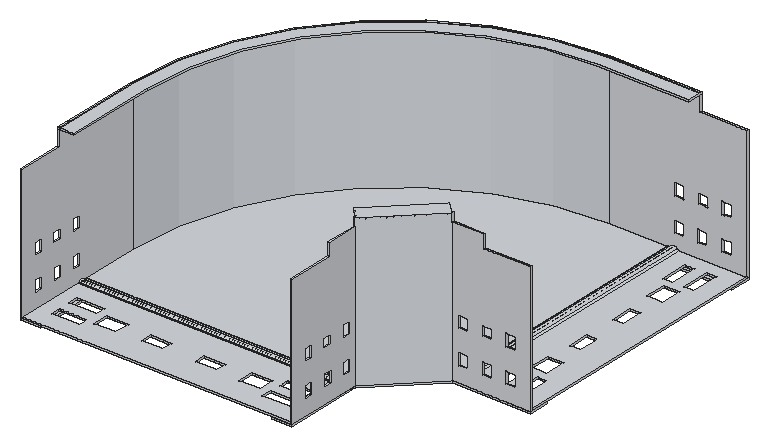
Revit family "Bogen  RBM 90 120 FS", category Generic Models, Revit 2017
Family settings
  Can host rebar = No
  Round Connector Dimension = Use Diameter
  Part Type = Normal
  Work Plane-Based = No
  Always vertical = Yes
  Cut with Voids When Loaded = No
  Shared = No
  Room Calculation Point = No
Parameters (values of type "RBM 90 120 FS")
  Width = 200 mm
  URL = "http://www.obo-bettermann.com"
  Material = none
  Manufacturer Art.No. = "6041842"
  Manufacturer = "OBO BETTERMANN"
  GTIN = "4012195880554"
  Cut's number = 2
  Article Type = "RBM 90 120 FS"
Reference planes
  plane 1 "Center (Front/Back)": y = 0
  plane 2: z = 0
  plane 3 "Center (Left/Right)": x = 0
  plane 4: x = 300.1
  plane 5: x = 245.6
  plane 6: x = 240.8
  plane 7: z = 3.3
  plane 8: y = 200
  plane 9: y = -100.1
  plane 10: y = -40.8
  plane 11: y = -45.6
  plane 12: z = 3.3
  plane 13: x = 200
  plane 14: y = 3
  plane 15: x = 197
  plane 16: y = -74.6
  plane 17: x = 100
  plane 18: x = 80
  plane 19: x = 120
  plane 20: y = -66.6
  plane 21: y = -82.6
  plane 22: x = 21.5
  plane 23: x = 46
  plane 24: through (300.1, -100.1, 1200) normal (-0.7071, -0.7071, 0)
  plane 25: z = 112
  plane 26: z = -1.25
  plane 27: z = 110.75
  plane 28: z = 109.365
  plane 29: z = 106
  plane 30: x = 265.1
  plane 31: z = 96.5
  plane 32: z = 106
  plane 33: y = -65.1
  plane 34: z = 96.5
  plane 35: z = 16.2
  plane 36: x = 285.1
  plane 37: z = 16.396
  plane 38: x = 267.611
  plane 39: z = 16.2
  plane 40: x = 249.642
  plane 41: z = 41.2
  plane 42: x = 249.642
  plane 43: z = 41.2
  plane 44: x = 285.1
  plane 45: z = 41.227
  plane 46: x = 267.611
  plane 47: z = 16.2
  plane 48: x = 267.583
  plane 49: z = 41.2
  plane 50: y = -85.1
  plane 51: z = 16.2
  plane 52: y = -49.642
  plane 53: z = 16.396
  plane 54: y = -67.611
  plane 55: z = 41.227
  plane 56: y = -67.611
  plane 57: z = 16.2
  plane 58: y = -67.044
  plane 59: z = 16.2
  plane 60: y = -85.078
  plane 61: z = 41.2
  plane 62: y = -49.642
  plane 63: y = -65.1
  plane 64: z = 99.25
  plane 65: x = 265.1
  plane 66: z = 99.25
Forms (mm)
  Extrusion 1, solid
    sketch origin (0, 0, 0) x (1, 0, 0) y (0, 0, 1)
      loop
        line (300.1, 0) -> (300.1, 1.3) -> (249.247, 1.3)
        arc (249.247, 1.3) -> (248.526, 1.485) -> (247.983, 1.993) r 1.5
        arc (247.983, 1.993) -> (245.655, 3.269) -> (243.327, 1.993) r 2.761
        arc (243.327, 1.993) -> (242.784, 1.485) -> (242.063, 1.3) r 1.5
        line (242.063, 1.3) -> (240.8, 1.3) -> (240.8, 0) -> (242.063, 0)
        arc (242.063, 0) -> (243.409, 0.345) -> (244.424, 1.294) r 2.8
        arc (244.424, 1.294) -> (245.655, 1.969) -> (246.886, 1.294) r 1.461
        arc (246.886, 1.294) -> (247.901, 0.345) -> (249.247, 0) r 2.8
        line (249.247, 0) -> (300.1, 0)
    from 0 to -200
  Extrusion 2, solid
    sketch origin (0, 0, 0) x (0, 1, 0) y (0, 0, 1)
      loop
        line (-100.1, 0) -> (-48.526, 0)
        arc (-48.526, 0) -> (-47.426, 0.225) -> (-46.503, 0.864) r 2.8
        arc (-46.503, 0.864) -> (-45.6, 1.25) -> (-44.697, 0.864) r 1.25
        arc (-44.697, 0.864) -> (-43.774, 0.225) -> (-42.674, 0) r 2.8
        line (-42.674, 0) -> (-40.8, 0) -> (-40.8, 1.3) -> (-42.674, 1.3)
        arc (-42.674, 1.3) -> (-43.263, 1.421) -> (-43.758, 1.763) r 1.5
        arc (-43.758, 1.763) -> (-45.6, 2.55) -> (-47.442, 1.763) r 2.55
        arc (-47.442, 1.763) -> (-47.937, 1.421) -> (-48.526, 1.3) r 1.5
        line (-48.526, 1.3) -> (-100.1, 1.3) -> (-100.1, 0)
    from 0 to 200
  Extrusion 3, solid
    sketch origin (0, 0, 0) x (1, 0, 0) y (0, 1, 0)
      loop
        line (240.8, 0) -> (240.8, 200) -> (197, 200)
        arc (197, 200) -> (57.7, 142.3) -> (0, 3) r 197
        line (0, 3) -> (0, -40.8) -> (200, -40.8) -> (240.8, 0)
    from 0 to 1.3
  Extrusion 4, void
    sketch origin (0, 0, 0) x (1, 0, 0) y (0, 1, 0)
      loop
        line (112, -70.6) -> (112, -78.6) -> (128, -78.6) -> (128, -70.6) -> (112, -70.6)
      loop
        line (11, -62.8) -> (11, -70.4) -> (32, -70.4) -> (32, -62.8) -> (11, -62.8)
      loop
        line (38, -68.6) -> (38, -80.6) -> (54, -80.6) -> (54, -68.6) -> (38, -68.6)
      loop
        line (11, -86.4) -> (32, -86.4) -> (32, -78.8) -> (11, -78.8) -> (11, -86.4)
      loop
        line (88, -70.6) -> (72, -70.6) -> (72, -78.6) -> (88, -78.6) -> (88, -70.6)
      loop
        line (189, -86.4) -> (189, -78.8) -> (168, -78.8) -> (168, -86.4) -> (189, -86.4)
      loop
        line (189, -62.8) -> (168, -62.8) -> (168, -70.4) -> (189, -70.4) -> (189, -62.8)
      loop
        line (162, -68.6) -> (146, -68.6) -> (146, -80.6) -> (162, -80.6) -> (162, -68.6)
    from 0 to 2.72
  Extrusion 5, void
    sketch origin (0, 0, 0) x (1, 0, 0) y (0, 1, 0)
      loop
        line (262.8, 189) -> (262.8, 168) -> (270.4, 168) -> (270.4, 189) -> (262.8, 189)
      loop
        line (278.8, 189) -> (278.8, 168) -> (286.4, 168) -> (286.4, 189) -> (278.8, 189)
      loop
        line (268.6, 162) -> (268.6, 146) -> (280.6, 146) -> (280.6, 162) -> (268.6, 162)
      loop
        line (270.6, 128) -> (270.6, 112) -> (278.6, 112) -> (278.6, 128) -> (270.6, 128)
      loop
        line (270.6, 88) -> (270.6, 72) -> (278.6, 72) -> (278.6, 88) -> (270.6, 88)
      loop
        line (268.6, 54) -> (268.6, 38) -> (280.6, 38) -> (280.6, 54) -> (268.6, 54)
      loop
        line (262.8, 32) -> (262.8, 11) -> (270.4, 11) -> (270.4, 32) -> (262.8, 32)
      loop
        line (278.8, 32) -> (278.8, 11) -> (286.4, 11) -> (286.4, 32) -> (278.8, 32)
    from 0 to 1.3
  Extrusion 6, solid
    sketch origin (0, 0, 0) x (1, 0, 0) y (0, 1, 0)
      loop
        line (300.1, 200) -> (300.1, 201.3) -> (197, 201.3)
        arc (197, 201.3) -> (56.781, 143.219) -> (-1.3, 3) r 198.3
        line (-1.3, 3) -> (-1.3, -100.1) -> (0, -100.1) -> (0, 3)
        arc (0, 3) -> (57.7, 142.3) -> (197, 200) r 197
        line (197, 200) -> (300.1, 200)
    from 0 to 112
  Extrusion 7, solid
    sketch origin (0, 0, 0) x (1, 0, 0) y (0, 1, 0)
      loop
        line (240.8, 0) -> (200, -40.8) -> (200, -100.1) -> (201.3, -100.1) -> (201.3, -41.338) -> (241.338, -1.3) -> (300.1, -1.3) -> (300.1, 0) -> (240.8, 0)
    from 0 to 112
  Extrusion 8, solid
    sketch origin (0, 0, 0) x (1, 0, 0) y (0, 1, 0)
      loop
        line (300.1, 201.3) -> (197, 201.3)
        arc (197, 201.3) -> (56.781, 143.219) -> (-1.3, 3) r 198.3
        line (-1.3, 3) -> (-1.3, -100.1) -> (13.7, -100.1) -> (13.7, 3)
        arc (13.7, 3) -> (67.387, 132.613) -> (197, 186.3) r 183.3
        line (197, 186.3) -> (300.1, 186.3) -> (300.1, 201.3)
    from 0 to -1.25
  Extrusion 9, solid
    sketch origin (0, 0, 0) x (1, 0, 0) y (0, 1, 0)
      loop
        line (241.118, -1.52) -> (230.512, 9.086) -> (190.914, -30.512) -> (201.52, -41.118) -> (241.118, -1.52)
    from 0 to -1.25
  Extrusion 10, solid
    sketch origin (0, 0, 0) x (1, 0, 0) y (0, 1, 0)
      loop
        line (300.1, -1.3) -> (300.1, 13.7) -> (242.1, 13.7) -> (242.1, -1.3) -> (300.1, -1.3)
    from 0 to -1.25
  Extrusion 11, solid
    sketch origin (0, 0, 0) x (1, 0, 0) y (0, 1, 0)
      loop
        line (201.3, -42.178) -> (186.3, -42.178) -> (186.3, -100.1) -> (201.3, -100.1) -> (201.3, -42.178)
    from 0 to -1.25
  Extrusion 12, solid
    sketch origin (0, 0, 0) x (1, 0, 0) y (0, 1, 0)
      loop
        line (300.1, 201.3) -> (197, 201.3)
        arc (197, 201.3) -> (56.781, 143.219) -> (-1.3, 3) r 198.3
        line (-1.3, 3) -> (-1.3, -100.1) -> (10.7, -100.1) -> (10.7, 3)
        arc (10.7, 3) -> (65.266, 134.734) -> (197, 189.3) r 186.3
        line (197, 189.3) -> (300.1, 189.3) -> (300.1, 201.3)
    from 110.75 to 112
  Extrusion 13, solid
    sketch origin (0, 0, 0) x (1, 0, 0) y (0, 1, 0)
      loop
        line (241.118, -1.52) -> (232.633, 6.965) -> (193.035, -32.633) -> (201.52, -41.118) -> (241.118, -1.52)
    from 110.75 to 112
  Extrusion 14, void
    sketch origin (0, 0, 0) x (1, 0, 0) y (0, 0, 1)
      loop
        line (300.1, 96.5) -> (300.1, 112) -> (241.338, 112) -> (241.338, 106) -> (265.1, 106) -> (265.1, 96.5) -> (300.1, 96.5)
    from 0 to 1.3
  Extrusion 15, void
    sketch origin (200, 200, 0) x (0, -1, 0) y (0, 0, -1)
      loop
        line (300.1, -96.5) -> (265.1, -96.5) -> (265.1, -106) -> (241.338, -106) -> (241.338, -112) -> (300.1, -112) -> (300.1, -96.5)
    from 0 to 1.3
  Extrusion 16, void
    sketch origin (0, 0, 0) x (1, 0, 0) y (0, 0, 1)
      loop
        line (281.6, 20.7) -> (281.6, 11.7) -> (288.6, 11.7) -> (288.6, 20.7) -> (281.6, 20.7)
    from 0 to 1.3
  Extrusion 17, void
    sketch origin (-17.489, 0, 0.196) x (1, 0, 0) y (0, 0, 1)
      loop
        line (281.6, 44.532) -> (281.6, 37.532) -> (288.6, 37.532) -> (288.6, 44.532) -> (281.6, 44.532)
    from 0 to 1.3
  Extrusion 18, void
    sketch origin (-35.458, 0, 0) x (1, 0, 0) y (0, 0, 1)
      loop
        line (281.6, 20.7) -> (281.6, 11.7) -> (288.6, 11.7) -> (288.6, 20.7) -> (281.6, 20.7)
    from 0 to 1.3
  Extrusion 19, void
    sketch origin (-35.458, 0, 25) x (1, 0, 0) y (0, 0, 1)
      loop
        line (281.6, 20.7) -> (281.6, 11.7) -> (288.6, 11.7) -> (288.6, 20.7) -> (281.6, 20.7)
    from 0 to 1.3
  Extrusion 20, void
    sketch origin (0, 0, 25) x (1, 0, 0) y (0, 0, 1)
      loop
        line (281.6, 20.7) -> (281.6, 11.7) -> (288.6, 11.7) -> (288.6, 20.7) -> (281.6, 20.7)
    from 0 to 1.3
  Extrusion 21, void
    sketch origin (-17.517, 0, 0) x (1, 0, 0) y (0, 0, 1)
      loop
        line (281.6, 20.7) -> (281.6, 11.7) -> (288.6, 11.7) -> (288.6, 20.7) -> (281.6, 20.7)
    from 0 to 1.3
  Extrusion 22, void
    sketch origin (200, 200, 25) x (0, -1, 0) y (0, 0, -1)
      loop
        line (281.6, -20.7) -> (288.6, -20.7) -> (288.6, -11.7) -> (281.6, -11.7) -> (281.6, -20.7)
    from 0 to 1.3
  Extrusion 23, void
    sketch origin (200, 235.458, 0) x (0, -1, 0) y (0, 0, -1)
      loop
        line (281.6, -20.7) -> (288.6, -20.7) -> (288.6, -11.7) -> (281.6, -11.7) -> (281.6, -20.7)
    from 0 to 1.3
  Extrusion 24, void
    sketch origin (200, 217.489, 0.196) x (0, -1, 0) y (0, 0, -1)
      loop
        line (281.6, -44.532) -> (288.6, -44.532) -> (288.6, -37.532) -> (281.6, -37.532) -> (281.6, -44.532)
    from 0 to 1.3
  Extrusion 25, void
    sketch origin (200, 218.056, 0) x (0, -1, 0) y (0, 0, -1)
      loop
        line (281.6, -20.7) -> (288.6, -20.7) -> (288.6, -11.7) -> (281.6, -11.7) -> (281.6, -20.7)
    from 0 to 1.3
  Extrusion 26, void
    sketch origin (200, 200.022, 0) x (0, -1, 0) y (0, 0, -1)
      loop
        line (281.6, -20.7) -> (288.6, -20.7) -> (288.6, -11.7) -> (281.6, -11.7) -> (281.6, -20.7)
    from 0 to 1.3
  Extrusion 27, void
    sketch origin (200, 235.458, 25) x (0, -1, 0) y (0, 0, -1)
      loop
        line (281.6, -20.7) -> (288.6, -20.7) -> (288.6, -11.7) -> (281.6, -11.7) -> (281.6, -20.7)
    from 0 to 1.3
  Extrusion 28, void
    sketch origin (0, 0, 0) x (0, 1, 0) y (0, 0, 1)
      loop
        line (-46.142, 45.7) -> (-53.142, 45.7) -> (-53.142, 36.7) -> (-46.142, 36.7) -> (-46.142, 45.7)
      loop
        line (-64.111, 44.727) -> (-71.111, 44.727) -> (-71.111, 37.727) -> (-64.111, 37.727) -> (-64.111, 44.727)
      loop
        line (-81.6, 45.7) -> (-88.6, 45.7) -> (-88.6, 36.7) -> (-81.6, 36.7) -> (-81.6, 45.7)
      loop
        line (-46.142, 20.7) -> (-53.142, 20.7) -> (-53.142, 11.7) -> (-46.142, 11.7) -> (-46.142, 20.7)
      loop
        line (-63.544, 20.7) -> (-70.544, 20.7) -> (-70.544, 11.7) -> (-63.544, 11.7) -> (-63.544, 20.7)
      loop
        line (-81.578, 20.7) -> (-88.578, 20.7) -> (-88.578, 11.7) -> (-81.578, 11.7) -> (-81.578, 20.7)
    from -1.3 to 0
  Extrusion 29, void
    sketch origin (200, 200, 0) x (-1, 0, 0) y (0, 0, -1)
      loop
        line (-46.142, -45.7) -> (-46.142, -36.7) -> (-53.142, -36.7) -> (-53.142, -45.7) -> (-46.142, -45.7)
      loop
        line (-64.111, -44.727) -> (-64.111, -37.727) -> (-71.111, -37.727) -> (-71.111, -44.727) -> (-64.111, -44.727)
      loop
        line (-81.6, -45.7) -> (-81.6, -36.7) -> (-88.6, -36.7) -> (-88.6, -45.7) -> (-81.6, -45.7)
      loop
        line (-46.142, -20.7) -> (-46.142, -11.7) -> (-53.142, -11.7) -> (-53.142, -20.7) -> (-46.142, -20.7)
      loop
        line (-63.544, -20.7) -> (-63.544, -11.7) -> (-70.544, -11.7) -> (-70.544, -20.7) -> (-63.544, -20.7)
      loop
        line (-81.578, -20.7) -> (-81.578, -11.7) -> (-88.578, -11.7) -> (-88.578, -20.7) -> (-81.578, -20.7)
    from -1.3 to 0
  Extrusion 30, void
    sketch origin (0, 0, 0) x (0, 1, 0) y (0, 0, 1)
      loop
        line (-65.1, 112) -> (-100.1, 112) -> (-100.1, 99.25) -> (-65.1, 99.25) -> (-65.1, 112)
    from -1.3 to 13.7
  Extrusion 31, void
    sketch origin (200, 200, 0) x (-1, 0, 0) y (0, 0, -1)
      loop
        line (-65.1, -112) -> (-65.1, -99.25) -> (-100.1, -99.25) -> (-100.1, -112) -> (-65.1, -112)
    from -1.3 to 13.7
Cuts and joins
  Extrusion 4 cuts Extrusion 2
  Extrusion 5 cuts Extrusion 1
  Extrusion 14, Extrusion 15, Extrusion 16, Extrusion 17, Extrusion 18, Extrusion 19, Extrusion 20, Extrusion 21, Extrusion 22, Extrusion 23, Extrusion 24, Extrusion 25, Extrusion 26, Extrusion 27, Extrusion 28, Extrusion 30 cuts Extrusion 7
  Extrusion 28, Extrusion 29, Extrusion 30, Extrusion 31 cuts Extrusion 6
  Extrusion 30, Extrusion 31 cuts Extrusion 12
Dimensions and locks
  locked: plane 4 to plane 5 at 54.5
  locked: plane 4 to plane 6 at 59.3
  locked: plane 7 to Extrusion 1 sketch curve at 2
  locked: Extrusion 1 sketch curve to Extrusion 1 sketch curve at 1.3  (x2)
  locked: Extrusion 1 sketch curve to Extrusion 1 sketch curve at 59.3
  locked: Extrusion 1 sketch curve to level at 3.269
  locked: plane 1 "Center (Front/Back)" to plane 8 at 200
  locked: plane 8 to plane 9 at 300.1
  locked: plane 3 "Center (Left/Right)" to plane 4 at 300.1
  locked: plane 9 to plane 11 at 54.5
  locked: plane 9 to plane 10 at 59.3
  locked: Extrusion 2 sketch curve to plane 12 at 2
  locked: plane 3 "Center (Left/Right)" to plane 13 at 200
  locked: plane 15 to plane 4 at 103.1
  locked: plane 14 to plane 9 at 103.1
  locked: Extrusion 2 to plane 17 at 100
  locked: Extrusion 2 to plane 16 at 25.5
  locked: plane 22 to plane 17 at 78.5
  locked: Extrusion 4 sketch curve to Extrusion 4 sketch curve at 16  (x4)
  locked: Extrusion 4 sketch curve to Extrusion 4 sketch curve at 8
  locked: Extrusion 4 sketch curve to plane 19 at 8
  locked: plane 16 to Extrusion 4 sketch curve at 4
  locked: Extrusion 4 sketch curve to Extrusion 4 sketch curve at 21  (x4)
  locked: Extrusion 4 sketch curve to plane 22 at 10.5
  locked: Extrusion 4 sketch curve to Extrusion 4 sketch curve at 7.6  (x4)
  locked: plane 20 to Extrusion 4 sketch curve at 3.8
  locked: plane 23 to plane 17 at 54
  locked: Extrusion 4 sketch curve to Extrusion 4 sketch curve at 12  (x2)
  locked: plane 16 to Extrusion 4 sketch curve at 6
  locked: Extrusion 4 sketch curve to plane 23 at 8
  locked: plane 25 to cut or joined group of Extrusion 2, Extrusion 4 at 112
  locked: Extrusion 7 sketch curve to cut or joined group of Extrusion 1, Extrusion 5 at 1.3
  locked: cut or joined group of Extrusion 2, Extrusion 4 to Extrusion 7 sketch curve at 1.3
  locked: Extrusion 3 to Extrusion 7 sketch curve at 1.3
  locked: Extrusion 6 to Extrusion 8 sketch curve at 15  (x2)
  locked: plane 3 "Center (Left/Right)" to cut or joined group of Extrusion 1, Extrusion 5 at 300.1
  Extrusion 6 to Extrusion 7 = 202.6 mm
  locked: Extrusion 8 to plane 26 at 1.25
  locked: Extrusion 7 to Extrusion 9 sketch curve at 15
  locked: Extrusion 9 sketch curve to Extrusion 9 sketch curve at 56
  locked: Extrusion 10 sketch curve to cut or joined group of Extrusion 1, Extrusion 5 at 58
  locked: Extrusion 7 to Extrusion 10 sketch curve at 15
  locked: cut or joined group of Extrusion 2, Extrusion 4 to Extrusion 11 sketch curve at 57.922
  locked: Extrusion 11 sketch curve to Extrusion 7 at 15
  locked: Extrusion 6 to Extrusion 8 at 113.25
  locked: Extrusion 6 to Extrusion 12 sketch curve at 12  (x2)
  locked: Extrusion 6 to cut or joined group of Extrusion 1, Extrusion 5 at 301.4
  locked: Extrusion 12 to plane 27 at 1.25
  locked: Extrusion 7 to Extrusion 13 sketch curve at 12
  locked: Extrusion 9 to Extrusion 9 at 56
  locked: Extrusion 7 to plane 29 at 6
  locked: Extrusion 16 sketch curve to Extrusion 16 sketch curve at 7
  locked: plane 36 to Extrusion 16 sketch curve at 3.5
  Extrusion 16 sketch curve to Extrusion 16 sketch curve = 9 mm
  plane 35 to Extrusion 16 sketch curve = 4.5 mm
  locked: Extrusion 16 sketch curve to plane 35 at 4.5
  locked: Extrusion 17 sketch curve to Extrusion 17 sketch curve at 7  (x2)
  locked: plane 38 to Extrusion 17 sketch curve at 3.5
  Extrusion 17 sketch curve to plane 37 = 21.332 mm
  Extrusion 17 sketch curve to plane 37 = 28.332 mm
  locked: Extrusion 18 sketch curve to Extrusion 18 sketch curve at 7
  locked: plane 40 to Extrusion 18 sketch curve at 3.5
  Extrusion 18 sketch curve to Extrusion 18 sketch curve = 9 mm
  plane 39 to Extrusion 18 sketch curve = 4.5 mm
  locked: Extrusion 18 sketch curve to plane 39 at 4.5
  locked: Extrusion 19 sketch curve to Extrusion 19 sketch curve at 7
  locked: plane 42 to Extrusion 19 sketch curve at 3.5
  Extrusion 19 sketch curve to Extrusion 19 sketch curve = 9 mm
  plane 41 to Extrusion 19 sketch curve = 4.5 mm
  locked: Extrusion 19 sketch curve to plane 41 at 4.5
  locked: Extrusion 20 sketch curve to Extrusion 20 sketch curve at 7
  locked: plane 44 to Extrusion 20 sketch curve at 3.5
  Extrusion 20 sketch curve to Extrusion 20 sketch curve = 9 mm
  plane 43 to Extrusion 20 sketch curve = 4.5 mm
  locked: Extrusion 20 sketch curve to plane 43 at 4.5
  cut or joined group 1 (Extrusion 7, Extrusion 14, Extrusion 15, Extrusion 16, Extrusion 17, Extrusion 18, Extrusion 19, Extrusion 20, Extrusion 21, Extrusion 22, Extrusion 23, Extrusion 24, Extrusion 25, Extrusion 26, Extrusion 27, Extrusion 28, Extrusion 30) to cut or joined group 1 = 7 mm  (x2)
  locked: Extrusion 21 sketch curve to Extrusion 21 sketch curve at 7
  locked: plane 48 to Extrusion 21 sketch curve at 3.5
  Extrusion 21 sketch curve to Extrusion 21 sketch curve = 9 mm
  plane 47 to Extrusion 21 sketch curve = 4.5 mm
  locked: Extrusion 21 sketch curve to plane 47 at 4.5
  locked: Extrusion 22 sketch curve to Extrusion 22 sketch curve at 7
  locked: plane 50 to Extrusion 22 sketch curve at 3.5
  Extrusion 22 sketch curve to Extrusion 22 sketch curve = 9 mm
  Extrusion 22 sketch curve to plane 49 = 4.5 mm
  locked: plane 49 to Extrusion 22 sketch curve at 4.5
  locked: Extrusion 23 sketch curve to Extrusion 23 sketch curve at 7
  locked: plane 52 to Extrusion 23 sketch curve at 3.5
  Extrusion 23 sketch curve to Extrusion 23 sketch curve = 9 mm
  Extrusion 23 sketch curve to plane 51 = 4.5 mm
  locked: plane 51 to Extrusion 23 sketch curve at 4.5
  locked: Extrusion 24 sketch curve to Extrusion 24 sketch curve at 7  (x2)
  locked: plane 54 to Extrusion 24 sketch curve at 3.5
  plane 53 to Extrusion 24 sketch curve = 21.332 mm
  plane 53 to Extrusion 24 sketch curve = 28.332 mm
  locked: Extrusion 25 sketch curve to Extrusion 25 sketch curve at 7
  locked: plane 58 to Extrusion 25 sketch curve at 3.5
  Extrusion 25 sketch curve to Extrusion 25 sketch curve = 9 mm
  Extrusion 25 sketch curve to plane 57 = 4.5 mm
  locked: plane 57 to Extrusion 25 sketch curve at 4.5
  locked: Extrusion 26 sketch curve to Extrusion 26 sketch curve at 7
  locked: plane 60 to Extrusion 26 sketch curve at 3.5
  Extrusion 26 sketch curve to Extrusion 26 sketch curve = 9 mm
  Extrusion 26 sketch curve to plane 59 = 4.5 mm
  locked: plane 59 to Extrusion 26 sketch curve at 4.5
  group 1 to group 2 = 0 mm  (x2)
  group 2 to group 1 = 18.034 mm
  locked: Extrusion 27 sketch curve to Extrusion 27 sketch curve at 7
  locked: plane 62 to Extrusion 27 sketch curve at 3.5
  Extrusion 27 sketch curve to Extrusion 27 sketch curve = 9 mm
  Extrusion 27 sketch curve to plane 61 = 4.5 mm
  locked: plane 61 to Extrusion 27 sketch curve at 4.5
  group 3 to group 4 = 0 mm  (x2)
  group 3 to group 4 = 25 mm
  plane 63 to cut or joined group of Extrusion 6, Extrusion 28, Extrusion 29, Extrusion 30, Extrusion 31 = 35 mm
  plane 64 to plane 26 = 100.5 mm
  aligned and locked: level to plane 2
  aligned and locked: Extrusion 1 sketch curve to plane 6
  aligned and locked: plane 8 to Extrusion 1
  aligned and locked: plane 1 "Center (Front/Back)" to Extrusion 1
  aligned and locked: Extrusion 2 sketch curve to plane 10
  aligned and locked: Extrusion 2 to level  (x2)
  aligned and locked: Extrusion 2 to plane 9
  aligned and locked: plane 13 to Extrusion 2
  aligned and locked: Extrusion 2 to plane 3 "Center (Left/Right)"
  aligned and locked: Extrusion 3 sketch curve to plane 3 "Center (Left/Right)"
  aligned and locked: Extrusion 3 to level
  aligned and locked: Extrusion 1 to Extrusion 3
  aligned and locked: Extrusion 4 to level
  aligned and locked: Extrusion 1 to Extrusion 5
  aligned and locked: Extrusion 6 sketch curve to plane 4
  aligned and locked: Extrusion 6 sketch curve to cut or joined group of Extrusion 2, Extrusion 4
  aligned and locked: plane 4 to Extrusion 6
  aligned and locked: Extrusion 6 to plane 9
  aligned and locked: Extrusion 6 to plane 25
  aligned and locked: plane 9 to Extrusion 7 sketch curve
  aligned and locked: plane 4 to Extrusion 7
  aligned and locked: Extrusion 7 to plane 9
  aligned and locked: Extrusion 7 to Extrusion 3
  aligned and locked: Extrusion 7 to plane 13
  aligned and locked: Extrusion 7 to plane 1 "Center (Front/Back)"
  aligned and locked: Extrusion 7 to Extrusion 6
  aligned and locked: Extrusion 7 to level
  aligned and locked: Extrusion 8 sketch curve to Extrusion 6  (x2)
  aligned and locked: level to Extrusion 8
  aligned and locked: Extrusion 8 to plane 26
  aligned and locked: Extrusion 8 to Extrusion 9
  aligned and locked: level to Extrusion 9
  aligned and locked: Extrusion 8 to Extrusion 10
  aligned and locked: level to Extrusion 10
  aligned and locked: Extrusion 11 to plane 9
  aligned and locked: Extrusion 11 to Extrusion 7
  aligned and locked: level to Extrusion 11
  aligned and locked: Extrusion 8 to Extrusion 11
  aligned and locked: Extrusion 12 sketch curve to Extrusion 8
  aligned and locked: plane 9 to Extrusion 12 sketch curve
  aligned and locked: plane 4 to Extrusion 12
  aligned and locked: Extrusion 12 to plane 9
  aligned and locked: Extrusion 12 to plane 27
  aligned and locked: Extrusion 13 sketch curve to Extrusion 9
  aligned and locked: Extrusion 13 to Extrusion 9
  aligned and locked: Extrusion 9 to Extrusion 13
  aligned and locked: Extrusion 12 to Extrusion 13
  aligned and locked: Extrusion 14 sketch curve to Extrusion 6
  aligned and locked: Extrusion 14 to plane 1 "Center (Front/Back)"
  aligned and locked: Extrusion 14 to Extrusion 7
  aligned and locked: Extrusion 16 to plane 1 "Center (Front/Back)"
  aligned and locked: Extrusion 7 to Extrusion 16
  aligned and locked: plane 3 "Center (Left/Right)" to Extrusion 28
  aligned and locked: Extrusion 6 to Extrusion 28
Automatic sketch dimensions
  Extrusion 1 sketch curve to Extrusion 1 sketch curve = 0 mm  (x7)
  Extrusion 1 sketch curve to level = 0 mm
  Extrusion 1 sketch curve to Extrusion 1 sketch curve = 1.263 mm
  plane 5 to Extrusion 1 sketch curve = 0.055 mm
  Extrusion 1 sketch curve to plane 7 = 0.5 mm  (x2)
  plane 5 to Extrusion 1 sketch curve = 3.647 mm
  level to Extrusion 1 sketch curve = 0.509 mm
  Extrusion 2 sketch curve to Extrusion 2 sketch curve = 0 mm  (x8)
  Extrusion 2 sketch curve to level = 0 mm  (x3)
  Extrusion 2 sketch curve to plane 9 = 0 mm
  Extrusion 2 sketch curve to plane 11 = 0 mm
  Extrusion 2 sketch curve to plane 12 = 0.5 mm  (x2)
  Extrusion 2 sketch curve to plane 11 = 2.926 mm
  Extrusion 2 sketch curve to Extrusion 2 sketch curve = 1.874 mm
  Extrusion 2 sketch curve to Extrusion 2 sketch curve = 1.3 mm
  Extrusion 3 sketch curve to plane 8 = 0 mm
  Extrusion 3 sketch curve to plane 15 = 0 mm
  Extrusion 3 sketch curve to plane 13 = 0 mm
  plane 1 "Center (Front/Back)" to Extrusion 3 sketch curve = 0 mm
  plane 13 to Extrusion 3 sketch curve = 40.8 mm
  plane 1 "Center (Front/Back)" to Extrusion 3 sketch curve = 40.8 mm
  plane 21 to Extrusion 4 sketch curve = 3.8 mm
  Extrusion 4 sketch curve to Extrusion 4 sketch curve = 0 mm
  Extrusion 4 sketch curve to plane 16 = 4 mm
  Extrusion 4 sketch curve to plane 18 = 8 mm
  Extrusion 4 sketch curve to plane 20 = 2 mm
  Extrusion 4 sketch curve to Extrusion 4 sketch curve = 18 mm
  plane 20 to Extrusion 4 sketch curve = 3.8 mm
  Extrusion 4 sketch curve to Extrusion 4 sketch curve = 6 mm  (x2)
  Extrusion 4 sketch curve to plane 21 = 3.8 mm
  plane 16 to Extrusion 4 sketch curve = 4 mm
  Extrusion 5 sketch curve to plane 8 = 11 mm  (x2)
  Extrusion 5 sketch curve to plane 4 = 37.3 mm  (x2)
  Extrusion 5 sketch curve to Extrusion 5 sketch curve = 5.8 mm  (x2)
  Extrusion 5 sketch curve to Extrusion 5 sketch curve = 1.8 mm  (x2)
  Extrusion 5 sketch curve to Extrusion 5 sketch curve = 2 mm  (x2)
  Extrusion 5 sketch curve to Extrusion 5 sketch curve = 8 mm  (x2)
  Extrusion 5 sketch curve to Extrusion 5 sketch curve = 8.4 mm  (x2)
  Extrusion 5 sketch curve to Extrusion 5 sketch curve = 12 mm  (x2)
  Extrusion 5 sketch curve to Extrusion 5 sketch curve = 7.6 mm  (x2)
  Extrusion 5 sketch curve to Extrusion 5 sketch curve = 21 mm
  Extrusion 5 sketch curve to Extrusion 5 sketch curve = 0 mm  (x2)
  Extrusion 5 sketch curve to Extrusion 5 sketch curve = 6 mm  (x3)
  Extrusion 5 sketch curve to Extrusion 5 sketch curve = 16 mm  (x4)
  Extrusion 5 sketch curve to Extrusion 5 sketch curve = 18 mm  (x2)
  Extrusion 5 sketch curve to Extrusion 5 sketch curve = 24 mm
  Extrusion 5 sketch curve to plane 1 "Center (Front/Back)" = 11 mm
  Extrusion 6 sketch curve to Extrusion 6 sketch curve = 0 mm  (x2)
  Extrusion 6 sketch curve to plane 3 "Center (Left/Right)" = 0 mm
  plane 24 to Extrusion 6 sketch curve = 0 mm
  Extrusion 6 sketch curve to Extrusion 6 sketch curve = 1.3 mm
  Extrusion 6 sketch curve to plane 1 "Center (Front/Back)" = 3 mm
  Extrusion 7 sketch curve to plane 13 = 0 mm
  plane 1 "Center (Front/Back)" to Extrusion 7 sketch curve = 0 mm
  Extrusion 7 sketch curve to plane 4 = 0 mm
  Extrusion 7 sketch curve to Extrusion 7 sketch curve = 0.538 mm  (x2)
  Extrusion 8 sketch curve to Extrusion 8 sketch curve = 0 mm  (x2)
  Extrusion 8 sketch curve to plane 3 "Center (Left/Right)" = 1.3 mm
  Extrusion 8 sketch curve to plane 13 = 3 mm
  Extrusion 9 sketch curve to plane 13 = 9.086 mm
  plane 13 to Extrusion 9 sketch curve = 1.52 mm
  Extrusion 10 sketch curve to plane 4 = 0 mm
  plane 1 "Center (Front/Back)" to Extrusion 10 sketch curve = 1.3 mm
  Extrusion 11 sketch curve to plane 9 = 0 mm
  plane 13 to Extrusion 11 sketch curve = 1.3 mm
  Extrusion 12 sketch curve to Extrusion 12 sketch curve = 0 mm  (x2)
  Extrusion 12 sketch curve to plane 3 "Center (Left/Right)" = 1.3 mm
  Extrusion 12 sketch curve to plane 1 "Center (Front/Back)" = 3 mm
  plane 13 to Extrusion 13 sketch curve = 1.52 mm
  Extrusion 13 sketch curve to plane 1 "Center (Front/Back)" = 6.965 mm
  Extrusion 14 sketch curve to plane 29 = 0 mm
  Extrusion 14 sketch curve to plane 30 = 0 mm
  Extrusion 14 sketch curve to plane 4 = 0 mm
  Extrusion 14 sketch curve to plane 31 = 0 mm
  Extrusion 14 sketch curve to plane 30 = 23.762 mm
  Extrusion 15 sketch curve to plane 32 = 0 mm
  Extrusion 15 sketch curve to plane 25 = 0 mm
  Extrusion 15 sketch curve to plane 33 = 0 mm
  Extrusion 15 sketch curve to plane 9 = 0 mm
  Extrusion 15 sketch curve to plane 34 = 0 mm
  Extrusion 15 sketch curve to plane 33 = 23.762 mm
  plane 9 to Extrusion 28 sketch curve = 11.5 mm
  plane 9 to Extrusion 28 sketch curve = 11.522 mm
  Extrusion 28 sketch curve to Extrusion 28 sketch curve = 7 mm  (x7)
  Extrusion 28 sketch curve to Extrusion 28 sketch curve = 10.489 mm
  Extrusion 28 sketch curve to Extrusion 28 sketch curve = 11.034 mm
  Extrusion 28 sketch curve to Extrusion 28 sketch curve = 10.402 mm
  Extrusion 28 sketch curve to Extrusion 28 sketch curve = 10.969 mm
  level to Extrusion 28 sketch curve = 11.7 mm  (x2)
  Extrusion 28 sketch curve to Extrusion 28 sketch curve = 0 mm
  Extrusion 28 sketch curve to Extrusion 28 sketch curve = 9 mm  (x5)
  Extrusion 28 sketch curve to Extrusion 28 sketch curve = 16 mm  (x2)
  Extrusion 28 sketch curve to Extrusion 28 sketch curve = 1.027 mm
  Extrusion 29 sketch curve to plane 4 = 11.5 mm
  Extrusion 29 sketch curve to plane 4 = 11.522 mm
  Extrusion 29 sketch curve to Extrusion 29 sketch curve = 7 mm  (x7)
  Extrusion 29 sketch curve to Extrusion 29 sketch curve = 10.489 mm
  Extrusion 29 sketch curve to Extrusion 29 sketch curve = 11.034 mm
  Extrusion 29 sketch curve to Extrusion 29 sketch curve = 10.402 mm
  Extrusion 29 sketch curve to Extrusion 29 sketch curve = 10.969 mm
  level to Extrusion 29 sketch curve = 45.7 mm
  Extrusion 29 sketch curve to Extrusion 29 sketch curve = 0 mm  (x2)
  Extrusion 29 sketch curve to Extrusion 29 sketch curve = 0.973 mm
  Extrusion 29 sketch curve to Extrusion 29 sketch curve = 9 mm  (x5)
  Extrusion 29 sketch curve to Extrusion 29 sketch curve = 16 mm  (x2)
  Extrusion 30 sketch curve to plane 9 = 0 mm
  Extrusion 30 sketch curve to plane 63 = 0 mm
  Extrusion 30 sketch curve to plane 64 = 0 mm
  Extrusion 30 sketch curve to plane 25 = 0 mm
  Extrusion 31 sketch curve to plane 4 = 0 mm
  Extrusion 31 sketch curve to plane 65 = 0 mm
  Extrusion 31 sketch curve to plane 25 = 0 mm
  Extrusion 31 sketch curve to plane 66 = 0 mm
